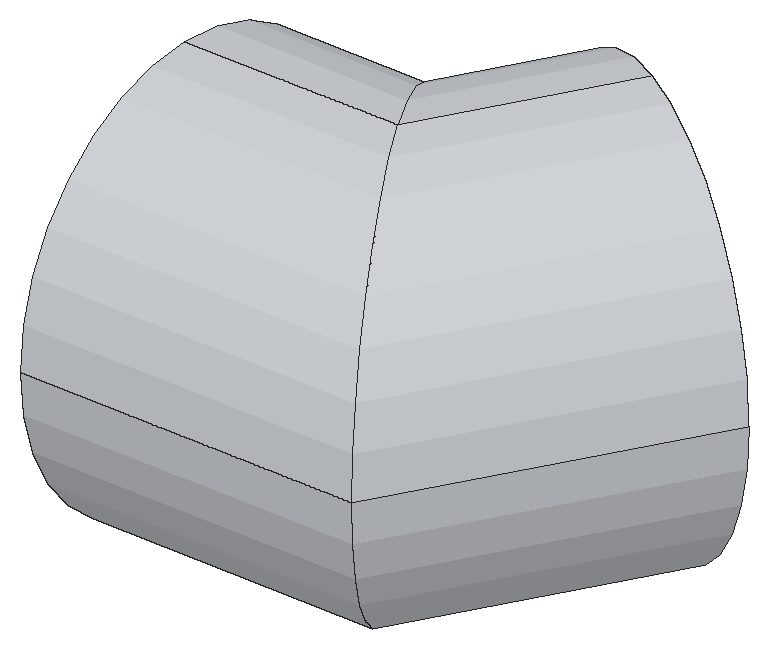
Revit family "M_Cotovelo redondo - 90 graus", category Conexões de duto, Revit 2019
Family settings
  Cota do conector redondo = Usar raio
  Tipo de parte = Cotovelo
  Número OmniClass = 23.75.70.14
  Título OmniClass = Air Ductwork
  ID de item do Seek = Round Elbow - Mitered-0000-CAN-ENU
  Com base no plano de trabalho = Não
  Sempre na vertical = Sim
  Corte com vazios quando carregada = Não
  Compartilhado = Não
Parameters (values of type "Padrão")
  Anteparo [instance] = 25 mm
  Raio do duto [instance] = 150 mm
  Comprimento1a [instance] = Raio do duto * sin(Ângulo)  # 129.904 mm
  Comprimento1 [instance] = Comprimento1a + Anteparo  # 154.904 mm
  Diâmetro do duto [instance] = Raio do duto * 2  # 300 mm
  Ângulo [instance] = 60.00°
Reference planes
  plane 1 "Centro (Frente/Trás)": y = 0
  plane 2: z = 0
  plane 3 "Centro (Esquerda/Direita)": x = 0
  plane 4: x = -154.904
Forms (mm)
  Sweep 1, solid, detail levels medium+fine
    path in 3D
      loop
        line (-154.904, 0, 0) -> (0, 0, 0) -> (77.452, 134.151, 0)
    profile "M_Duto - Redondo : Duto - Redondo" origin (-77.452, 0, 0) x (0, 1, 0) y (0, 0, 1)
      loop
        arc (-150, 0) -> (-106.066, -106.066) -> (0, -150) r 150
        arc (0, -150) -> (106.066, -106.066) -> (150, 0) r 150
        arc (150, 0) -> (106.066, 106.066) -> (0, 150) r 150
        arc (0, 150) -> (-106.066, 106.066) -> (-150, 0) r 150
Lines and regions (mm)
  reference lines
    curve 1: line (-154.904, 0, 0) -> (0, 0, 0)
    curve 2: line (0, 0, 0) -> (77.452, 134.151, 0)
  sketch lines
    curve 3: line (-154.904, 0, 0) -> (0, 0, 0)
    curve 4: line (0, 0, 0) -> (77.452, 134.151, 0)
  model lines, style "DuctFitting", detail levels coarse
    curve 5: line (-154.904, 0, 0) -> (0, 0, 0)
    curve 6: line (0, 0, 0) -> (77.452, 134.151, 0)
Dimensions and locks
  "Comprimento1": plane 4 to plane 3 "Centro (Esquerda/Direita)"
  "Comprimento1": curve 2 to curve 2
  "Ângulo": angle plane 1 "Centro (Frente/Trás)" to curve 2
  aligned and locked: plane 3 "Centro (Esquerda/Direita)" to curve 1
  aligned and locked: plane 4 to curve 1
  aligned and locked: plane 1 "Centro (Frente/Trás)" to curve 1
  aligned and locked: curve 5 to curve 1
Automatic sketch dimensions
  plane 4 to curve 5 = 0 mm
  curve 5 to plane 3 "Centro (Esquerda/Direita)" = 0 mm
  curve 6 to curve 2 = 0 mm  (x3)
Connectors
  hvac at (-154.904, 0, 0), driven by "Raio do duto", driven by "Ângulo"
    settings: on Sweep 1, index 1, duct flow 0.0 L/s, flow factor 0, pres drop 0.0 Pa, loss coef 0, conn angle 60.00°, conn width 304.8 mm, conn height 304.8 mm, conn diameter 300 mm, duct sys type 28, conn prof type 0, flow config 0, flow direction 0, loss method 0, conn ref index 2, conn util no, is conn primary yes, conn desc ""
  hvac at (77.452, 134.151, 0), driven by "Raio do duto", driven by "Ângulo"
    settings: on Sweep 1, index 2, duct flow 0.0 L/s, flow factor 0, pres drop 0.0 Pa, loss coef 0, conn angle 60.00°, conn width 304.8 mm, conn height 304.8 mm, conn diameter 300 mm, duct sys type 28, conn prof type 0, flow config 0, flow direction 0, loss method 0, conn ref index 1, conn util no, is conn primary no, conn desc ""
